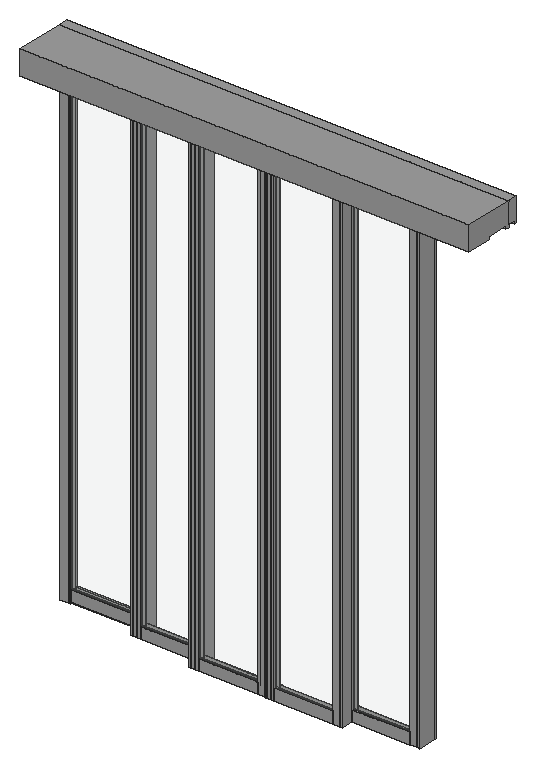
Revit family "agtatec_Record_SldngDrset_D-TSA-Telescopic_CurtainWallPanel", category Curtain Panels, Revit 2015
Parameters (values of type "D-TSA 108 mm drive unit height - side panel left")
  WithoutDriveCladding(OnlyApplicableForTypesWithoutSidePanels) = not(WithDriveCladding)  # no
  Without side panels = and(not(RightPanel), not(LeftPanel))  # no
  WithinStandardSizes = and(OpeningWidth > 799.9 mm, OpeningWidth < 3000.1 mm, ClearHeightOfPassage < 3000.1 mm, ClearHeightOfPassage > 1999.9 mm)  # yes
  WithDriveCladding = yes
  With side panels = and(RightPanel, LeftPanel)  # no
  Weight = "Depends on configuration and size"
  WarrantyStartDate [instance] = "1900-12-31T23:59:59"
  WarrantyGuarantorParts = "Local door manufacturer"
  WarrantyGuarantorLabour = "Local door manufacturer"
  WarrantyDurationUnit = "Depends on country"
  WarrantyDurationParts = "Depends on country"
  WarrantyDurationLabour = "Depends on country"
  WarrantyDescription = "Depends on country"
  WallMountingProfile = yes
  Version = "Version 1.0"
  Uniclass2 = "Ss_25_30_20_77"
  URL = "www.agta-record.com"
  TotalWidth = if(With side panels, SidePanelWidthLeft + SidePanelWidthRight + OpeningWidth, if(RightPanel, SidePanelWidthRight + OpeningWidth + 44 mm, if(LeftPanel, SidePanelWidthLeft + OpeningWidth + 44 mm, OpeningWidth + 88 mm)))  # 1644 mm
  TotalHeight = ClearHeightOfPassage + DriveUnitHeight  # 2295 mm
  SustainabilityPerformance = "n/a"
  SupportLength = SidePanelWidthLeft + SidePanelWidthRight + OpeningWidth + DriveUnitExtraWidthRight + DriveUnitExtraWidthLeft  # 2000 mm
  SidePanelWidthRight = (OpeningWidth / 4) + 100 mm + ExtraRight  # 400 mm
  SidePanelWidthLeft = (OpeningWidth / 4) + 100 mm + ExtraLeft  # 400 mm
  ServiceLifeType = "n/a"
  SecurityRating = "None"
  RightPanel = no
  Revision = "n/a"
  ProductInformation = "www.agta-record.com"
  Process = "n/a"
  PassageMountingProfile(OnlyApplicableForTypesWithTwoSidePanels) = not(WallMountingProfile)  # no
  PanelHeight = ClearHeightOfPassage + 13 mm  # 2200 mm
  PanelFrames = agtatec_Record_Sliding Door, Aluminium
  PanelFill = agtatec_Record_Sliding Door, Laminated Safety Glass (Clear)
  OpeningWidth = 1200 mm
  Name = "SldngDrset_D-TSA-Telescopic_CurtainWallPanel_Record"
  NBSTypeID = "n/a"
  NBSReference = "25-50-20/175"
  NBSOfficeMasterTag = "n/a"
  NBSNote = "n/a"
  NBSDescription = "Sliding Doorset"
  NBSCertification = "n/a"
  ModelNumber = "n/a"
  ModelLabel = "n/a"
  MethodOfMeasurement = "n/a"
  DriveUnitExtraWidthRight = 0 mm
  DriveUnitExtraWidthLeft = 0 mm
  Type Comments = "n/a"
  ThresholdStripping = "No additional required, part of the doorset"
  ThresholdRequired = yes
  ThermalTransmittance = 0
  TagNumber [instance] = "n/a"
  SmokeStop = no
  Size = "n/a"
  Shape = "Rectangular"
  ServiceLifeDuration = "10-15 years"
  SerialNumber [instance] = "n/a"
  SelfClosing = yes
  ReplacementCost = "Depends on the configuration and door type"
  ReferenceStandard = "EN16005, EN16361, DIN 18650, etc."
  Reference = "n/a"
  ProductionYear = "n/a"
  PassageWidthOptions = "n/a"
  NominalWidth = TotalWidth  # 1644 mm
  NominalLength = 0 mm
  NominalHeight = TotalHeight  # 2295 mm
  ModelReference = "Depends on the configuration"
  Model = "record Telescopic Linear Slider"
  Material = "Aluminium"
  ManufacturerURL = "www.agta-record.com"
  ManufacturerName = "Record"
  Manufacturer = "info@recorduk.co.uk"
  LeftPanel = yes
  LeafColourOptions = "All RAL, customer specific"
  Keynote = "n/a"
  IssueDate = "n/a"
  IsExternal = yes
  InterlancingProfileHeight = PanelHeight - 5 mm  # 2195 mm
  InstallationDate [instance] = "1900-12-31T23:59:59"
  InnerPanelWidth2 = (OpeningWidth / 4) + 20 mm  # 320 mm
  InnerPanelWidth1 = (OpeningWidth / 4) + 32 mm  # 332 mm
  Infiltration = "n/a"
  IfcExportType = "Door"
  IfcExportAs = "ifcDoorStyle"
  HasDrive = yes
  HandicapAccessible = yes
  Grade = "n/a"
  GlazingAreaFraction = "Depends on size. Can be calculated"
  GlassType = "Part of glazing spec"
  GlassThickness2 = "6 mm (default)"
  GlassThickness1 = "6 mm (default)"
  GlassLayers = 2
  FrameSeal = yes
  FrameProfile = "Aluminium"
  FrameMaterial = "Aluminium"
  FrameFinishOptions = "n/a"
  FloorGuide = agtatec_Record_Sliding Door, Stainless Steel
  FireRating = "None"
  FireExit = no
  Finish = "Powder coated, Anodized, customer specific"
  Features = "n/a"
  ExtraWidthTotal = ExtraRight + ExtraLeft  # 0 mm
  ExtraWidthRight = 0 mm
  ExtraWidthLeft = 0 mm
  ExtraRight = if(not(RightPanel), 0 mm, ExtraWidthRight)  # 0 mm
  ExtraLeft = if(not(LeftPanel), 0 mm, ExtraWidthLeft)  # 0 mm
  ExpectedLife = "n/a"
  ElectronicLock = yes
  DurationUnit = "year"
  DriveUnitHeight = 108 mm
  DriveUnit = agtatec_Record_Sliding Door, Sheet Metal (Painted Steel)
  DoorsetOperation = "Automatic"
  DoorsetFasteners = "Screws"
  DoorSeal = "yes"
  DoorOpening = 0 mm
  DoorNumber = "n/a"
  DoorIncluded = yes
  Documentation = "n/a"
  DocumentReference = "n/a"
  Description = "Automatic Sliding Door"
  Cost = 0
  Controller = "n/a"
  Construction Type = "Automatic Sliding Door"
  Constituents = "n/a"
  Configuration = "1 or 2"
  Colour = "Customer specific"
  CodePerformance = "n/a"
  ClearanceZones = no
  ClearHeightOfPassage = 2187 mm
  Category = "n/a"
  BreakoutFacility = "n/a"
  BarCode [instance] = "n/a"
  BIMObjectName = "agtatec_Record_SlidingDoorset_D-TSA-Telescopic_CurtainWallPanel"
  Author = "agtatec"
  AssetType = "n/a"
  AssetIdentifier [instance] = "n/a"
  Assembly Code = "B2030110"
  AntiFingerTrapRequirement = yes
  AlternativeDoorsetGlazing = "Part of glazing spec"
  AcousticRating = "None"
  AccessoryOptions = "Contact manufacturer"
  AccessibilityPerformance = "n/a"
Reference planes
  plane 1 "Center (Front/Back)": y = 0
  plane 2: z = 0
  plane 3 "Center (Left/Right)": x = -50
  plane 4 "Left": x = -1280
  plane 5 "Right": x = 1180
  plane 6 "Top": z = 4000
Text (mm)
  text "Exterior" at (-2351.972, 1416.179, 0), in view "Ref. Level"
  text "Exterior" at (0, 2290.741, 4406.713), in view "Left"
  text "Exterior" at (0, 1328.187, 4120.349), in view "Right"
Dimensions and locks
  equal spacing: plane 4 "Left", plane 3 "Center (Left/Right)", plane 5 "Right"
  aligned and locked: plane 1 "Center (Front/Back)" to nested 1
  aligned and locked: nested 1 to plane 3 "Center (Left/Right)"
Nested families
  nested 1: "D-TSA-Telescopic" at (-50, 0, 0), type "D-TSA 150 mm drive unit height - with two side panels"
    with WarrantyStartDate "Depends on country", TagNumber "n/a", SerialNumber "n/a", InstallationDate "n/a", BarCode "n/a", AssetIdentifier "n/a", With side panels no, Wall Mounting Right no, TotalWidth 1644 mm, TotalHeight 2295 mm, RightPanel no, DriveUnitHeight 108 mm, NominalWidth 1644 mm, NominalHeight 2295 mm, ClearanceZoneRight 1000 mm
Definition of nested family "D-TSA-Telescopic"
  Parameters
    WithoutDriveCladding(OnlyApplicableForTypesWithoutSidePanels) = not(WithDriveCladding)  # no
    Without side panels = and(not(RightPanel), not(LeftPanel))  # no
    WithinStandardSizes = and(OpeningWidth > 799.9 mm, OpeningWidth < 3000.1 mm, ClearHeightOfPassage < 3000.1 mm, ClearHeightOfPassage > 1999.9 mm)  # yes
    WithDriveCladding = yes
    With side panels = and(RightPanel, LeftPanel)  # yes
    Weight = "Depends on configuration and size"
    WarrantyDurationUnit = "Depends on country"
    WallMountingProfile = yes
    Wall Mounting Right = and(WallMountingProfile, RightPanel)  # yes
    Wall Mounting Left = and(WallMountingProfile, LeftPanel)  # yes
    TotalWidth = if(With side panels, SidePanelWidthLeft + SidePanelWidthRight + OpeningWidth, if(RightPanel, SidePanelWidthRight + OpeningWidth + 44 mm, if(LeftPanel, SidePanelWidthLeft + OpeningWidth + 44 mm, OpeningWidth + 88 mm)))  # 2000 mm
    TotalHeight = ClearHeightOfPassage + DriveUnitHeight  # 2337 mm
    Thickness = 0 mm
    SustainabilityPerformance = "n/a"
    SupportLength = SidePanelWidthLeft + SidePanelWidthRight + OpeningWidth + DriveUnitExtraWidthRight + DriveUnitExtraWidthLeft  # 2000 mm
    SidePanelWidthRight = (OpeningWidth / 4) + 100 mm + ExtraRight  # 400 mm
    SidePanelWidthLeft = (OpeningWidth / 4) + 100 mm + ExtraLeft  # 400 mm
    ServiceLifeType = "n/a"
    SecurityRating = "None"
    RightPanel = yes
    Revision = "n/a"
    ProductInformation = "www.agta-record.com"
    Process = "n/a"
    PassageMountingProfile(OnlyApplicableForTypesWithTwoSidePanels) = not(WallMountingProfile)  # no
    Passage Mounting Right = and([PassageMountingProfile(OnlyApplicableForTypesWithTwoSidePanels)], RightPanel)  # no
    Passage Mounting Left = and([PassageMountingProfile(OnlyApplicableForTypesWithTwoSidePanels)], LeftPanel)  # no
    PanelHeight = ClearHeightOfPassage + 13 mm  # 2200 mm
    PanelFrames = none
    PanelFill = none
    OuterPanelWidthRight = SidePanelWidthRight - 27 mm  # 373 mm
    OuterPanelWidthLeft = SidePanelWidthLeft - 27 mm  # 373 mm
    OpeningWidth = 1200 mm
    Name = "SldngDrset_D-TSA-Telescopic_Standalone_Record"
    NBSTypeID = "n/a"
    NBSReference = "25-50-20/175"
    NBSOfficeMasterTag = "n/a"
    NBSNote = "n/a"
    NBSDescription = "Sliding Doorset"
    NBSCertification = "n/a"
    ModelNumber = "n/a"
    ModelLabel = "n/a"
    MethodOfMeasurement = "n/a"
    ManufacturerName = "Record"
    LeftPanel = yes
    InterlancingProfileHeight = PanelHeight - 5 mm  # 2195 mm
    InstallationDate [instance] = "n/a"
    InnerPanelWidth2 = (OpeningWidth / 4) + 20 mm  # 320 mm
    InnerPanelWidth1 = (OpeningWidth / 4) + 32 mm  # 332 mm
    IfcExportType = "n/a"
    IfcExportAs = "n/a"
    Grade = "n/a"
    GlazingAreaFraction = "Depends on size. Can be calculated"
    FloorGuide = none
    FireRating = "None"
    Features = "n/a"
    ExtraWidthRight = 0 mm
    ExtraWidthLeft = 0 mm
    ExtraRight = if(not(RightPanel), 0 mm, ExtraWidthRight)  # 0 mm
    ExtraLeft = if(not(LeftPanel), 0 mm, ExtraWidthLeft)  # 0 mm
    ExpectedLife = "n/a"
    DurationUnit = "year"
    DriveUnitHeight = 150 mm
    DriveUnitExtraWidthRight = 0 mm
    DriveUnitExtraWidthLeft = 0 mm
    DriveUnitCenterDistance = (OpeningWidth / 2) + SidePanelWidthRight + DriveUnitExtraWidthRight  # 1000 mm
    DriveUnit = none
    DriveDepth2 = if([WithoutDriveCladding(OnlyApplicableForTypesWithoutSidePanels)], 0 mm, 37 mm)  # 37 mm
    DriveDepth = if([WithoutDriveCladding(OnlyApplicableForTypesWithoutSidePanels)], 222 mm, 259 mm)  # 259 mm
    DoorOpening2 = if(DoorOpening1 > 1 mm, (OpeningWidth / 2) + DoorOpening1 / 2, OpeningWidth / 2)  # 600 mm
    DoorOpening1 = if(DoorOpening > OpeningWidth, OpeningWidth, DoorOpening)  # 0 mm
    DoorOpening = 0 mm
    Width = TotalWidth  # 2000 mm
    WarrantyStartDate [instance] = "Depends on country"
    WarrantyGuarantorParts = "Local door manufacturer"
    WarrantyGuarantorLabour = "Local door manufacturer"
    WarrantyDurationParts = "Depends on country"
    WarrantyDurationLabour = "Depends on country"
    WarrantyDescription = "Depends on country"
    Version = "Version 1.0"
    Uniclass2 = "Ss_25_30_20_77"
    URL = "www.agta-record.com"
    Type Comments = ""
    ThresholdStripping = "No additional required, part of the doorset"
    ThresholdRequired = yes
    ThermalTransmittance = 0
    TagNumber [instance] = "n/a"
    SmokeStop = no
    Size = "n/a"
    Shape = "Rectangular"
    ServiceLifeDuration = "10-15 years"
    SerialNumber [instance] = "n/a"
    SelfClosing = yes
    Rough Width = TotalWidth + 6 mm  # 2006 mm
    Rough Height = TotalHeight + 6 mm  # 2343 mm
    ReplacementCost = "Depends on the configuration and door type"
    ReferenceStandard = "EN16005, EN16361, DIN 18650, etc."
    Reference = "n/a"
    ProductionYear = "n/a"
    PassageWidthOptions = "n/a"
    Operation = "n/a"
    NominalWidth = TotalWidth  # 2000 mm
    NominalLength = 0 mm
    NominalHeight = TotalHeight  # 2337 mm
    ModelReference = "Depends on the configuration"
    Model = "record Telescopic Linear Slider"
    Material = "Aluminium"
    ManufacturerURL = "www.agta-record.com"
    Manufacturer = "info@recorduk.co.uk"
    LeafColourOptions = "All RAL, customer specific"
    Keynote = ""
    IssueDate = ""
    IsExternal = yes
    Infiltration = "n/a"
    Height = TotalHeight  # 2337 mm
    HasDrive = yes
    HandicapAccessible = yes
    GlassType = "Part of glazing spec"
    GlassThickness2 = "6 mm (default)"
    GlassThickness1 = "6 mm (default)"
    GlassLayers = 2
    Function = 1
    FrameSeal = yes
    FrameProfile = "Aluminium"
    FrameMaterial = "Aluminium"
    FrameFinishOptions = "n/a"
    FireExit = no
    Finish = "Powder coated, Anodized, customer specific"
    ElectronicLock = yes
    DoorsetOperation = "Automatic"
    DoorsetFasteners = "Screws"
    DoorSeal = "yes"
    DoorNumber = "n/a"
    DoorIncluded = yes
    Documentation = "n/a"
    DocumentReference = "n/a"
    DistanceToWall = if([WithoutDriveCladding(OnlyApplicableForTypesWithoutSidePanels)], 20 mm, 57 mm)  # 57 mm
    Description = "Automatic Sliding Door"
    Cost = 0
    Controller = "n/a"
    Construction Type = "Automatic Sliding Door"
    Constituents = "n/a"
    Configuration = "1 or 2"
    Colour = "Customer specific"
    CodePerformance = "n/a"
    ClearanceZones = no
    ClearanceZoneRight = if(or(not(WallMountingProfile), not(RightPanel), DriveUnitExtraWidthRight > 0 mm), ((OpeningWidth / 2) + SidePanelWidthRight + DriveUnitExtraWidthRight), (OpeningWidth / 2) + SidePanelWidthRight + DriveUnitExtraWidthRight + 16 mm)  # 1016 mm
    ClearanceZoneLeft = if(or(not(WallMountingProfile), not(LeftPanel), DriveUnitExtraWidthLeft > 0 mm), ((OpeningWidth / 2) + SidePanelWidthLeft + DriveUnitExtraWidthLeft), (OpeningWidth / 2) + SidePanelWidthLeft + DriveUnitExtraWidthLeft + 16 mm)  # 1016 mm
    ClearHeightOfPassage = 2187 mm
    CladdingVoid = if(Without side panels, 3 mm, 35 mm)  # 35 mm
    CladdingProfile = not([WithoutDriveCladding(OnlyApplicableForTypesWithoutSidePanels)])  # yes
    CenterOfDoor = SupportLength / 2  # 1000 mm
    Category = "n/a"
    BreakoutFacility = "n/a"
    BarCode [instance] = "n/a"
    BIMObjectName = "agtatec_Record_SlidingDoorset_D-TSA-Telescopic_Standalone"
    Author = "agtatec"
    AssetType = "n/a"
    AssetIdentifier [instance] = "n/a"
    Assembly Code = "B2030110"
    AntiFingerTrapRequirement = yes
    AlternativeDoorsetGlazing = "Part of glazing spec"
    AcousticRating = "None"
    AccessoryOptions = "Contact manufacturer"
    AccessibilityPerformance = "n/a"
  Reference planes
    plane 1 "Center (Front/Back)": y = 0
    plane 2: z = 0
    plane 3 "Ex Center (Left/Right)": x = 0
    plane 4: z = 2337
    plane 5: z = 2187
    plane 6 "2D Lines": z = 100
    plane 7: x = 0
    plane 8: x = 300
    plane 9: x = 600
    plane 10: x = -300
    plane 11: x = -600
    plane 12: x = 0
    plane 13: x = 1000
    plane 14: x = -1000
    plane 15: x = 300
    plane 16: x = -300
    plane 17: y = -57
    plane 18: y = -109
    plane 19: y = -5
    plane 20: x = 312
    plane 21: x = -312
    plane 22: x = -632
    plane 23: x = 632
    plane 24: y = -409
    plane 25: y = -259
    plane 26: y = -5
    plane 27: y = -40
    plane 28: y = -40
    plane 29: z = 2357
    plane 30: x = 332
    plane 31 "Drive Unit Right": x = 1000
    plane 32: x = -332
    plane 33 "Center (Left/Right)": x = 0
    plane 34 "Clearance Zone Left": x = -1016
    plane 35 "Clearance Zone Right": x = 1016
  Forms (mm)
    Extrusion 1, solid, material <- "DriveUnit"
      sketch origin (1000, -4572, 2150) x (0, 0, -1) y (0, -1, 0)
        loop
          line (-187, -4535) -> (-37, -4535) -> (-37, -4518) -> (-50, -4518) -> (-50, -4423) -> (-37, -4423) -> (-37, -4313) -> (-187, -4313) -> (-187, -4535)
      from 0 to 2000 <- "SupportLength"
    Extrusion 2, solid, material <- "PanelFrames", visible <- "Wall Mounting Left"
      sketch origin (0, 0, 0) x (1, 0, 0) y (0, 1, 0)
        loop
          line (-1000, -4) -> (-1000, -40) -> (-960, -40) -> (-960, -38) -> (-997, -38) -> (-997, -3) -> (-960, -3) -> (-960, 0) -> (-1016, 0) -> (-1016, -4) -> (-1000, -4)
      from 0 to 2187
    Extrusion 3, solid, material <- "PanelFrames", visible <- "Wall Mounting Right"
      sketch origin (0, 0, 0) x (1, 0, 0) y (0, 1, 0)
        loop
          line (1016, 0) -> (960, 0) -> (960, -3) -> (997, -3) -> (997, -38) -> (960, -38) -> (960, -40) -> (1000, -40) -> (1000, -4) -> (1016, -4) -> (1016, 0)
      from 0 to 2187
    Extrusion 4, solid, material <- "PanelFrames", visible <- "Passage Mounting Left"
      sketch origin (0, 0, 0) x (1, 0, 0) y (0, 1, 0)
        loop
          line (-1000, 0) -> (-1000, -40) -> (-960, -40) -> (-960, -38) -> (-997, -38) -> (-997, -3) -> (-960, -3) -> (-960, 0) -> (-1000, 0)
      from 0 to 2187
    Extrusion 5, solid, material <- "PanelFrames", visible <- "Passage Mounting Right"
      sketch origin (0, 0, 0) x (1, 0, 0) y (0, 1, 0)
        loop
          line (960, 0) -> (960, -3) -> (997, -3) -> (997, -38) -> (960, -38) -> (960, -40) -> (1000, -40) -> (1000, 0) -> (960, 0)
      from 0 to 2187
    Extrusion 6, solid, visible <- "ClearanceZones"
      sketch origin (0, 0, 0) x (0, 1, 0) y (0, 0, 1)
        loop
          line (0, 2357) -> (-409, 2357) -> (-409, 0) -> (0, 0) -> (0, 2357)
      from -1016 to 1016
    Extrusion 7, solid, material <- "DriveUnit", visible <- "CladdingProfile"
      sketch origin (1000, -4572, 2150) x (0, 0, -1) y (0, -1, 0)
        loop
          line (-187, -4572) -> (-37, -4572) -> (-37, -4535) -> (-187, -4535) -> (-187, -4572)
      from 0 to 2000 <- "SupportLength"
    Extrusion 8, void
      sketch origin (-1000, -40, 1200) x (1, 0, 0) y (0, 0, -1)
        loop
          line (0, -1000) -> (2000, -1000) -> (2000, -987) -> (0, -987) -> (0, -1000)
      from 0 to 35 <- "CladdingVoid"
  Cuts and joins
    Extrusion 8 cuts Extrusion 2
    Extrusion 8 cuts Extrusion 3
    Extrusion 8 cuts Extrusion 4
    Extrusion 8 cuts Extrusion 5
    Extrusion 8 cuts Extrusion 7
  Lines and regions (mm)
    Masking region 1, visible <- "Wall Mounting Left"
      outline origin (0, 0, 0) x (1, 0, 0) y (0, 1, 0)
        loop
          line (-1000, -4) -> (-1000, -40) -> (-960, -40) -> (-960, -38) -> (-997, -38) -> (-997, -3) -> (-960, -3) -> (-960, 0) -> (-1016, 0) -> (-1016, -4) -> (-1000, -4)
    Masking region 2, visible <- "Passage Mounting Left"
      outline origin (0, 0, 0) x (1, 0, 0) y (0, 1, 0)
        loop
          line (-1000, 0) -> (-1000, -40) -> (-960, -40) -> (-960, -38) -> (-997, -38) -> (-997, -3) -> (-960, -3) -> (-960, 0) -> (-1000, 0)
    Masking region 3, visible <- "Wall Mounting Right"
      outline origin (0, 0, 0) x (1, 0, 0) y (0, 1, 0)
        loop
          line (1000, -4) -> (1016, -4) -> (1016, 0) -> (960, 0) -> (960, -3) -> (997, -3) -> (997, -38) -> (960, -38) -> (960, -40) -> (1000, -40) -> (1000, -4)
    Masking region 4, visible <- "Passage Mounting Right"
      outline origin (0, 0, 0) x (1, 0, 0) y (0, 1, 0)
        loop
          line (1000, 0) -> (960, 0) -> (960, -3) -> (997, -3) -> (997, -38) -> (960, -38) -> (960, -40) -> (1000, -40) -> (1000, 0)
    symbolic lines
      curve 1: line (25, 50, 0) -> (175, 50, 0)
      curve 2: line (175, 50, 0) -> (139.645, 85.355, 0)
      curve 3: line (175, 50, 0) -> (139.645, 14.645, 0)
      curve 4: line (-25, 50, 0) -> (-175, 50, 0)
      curve 5: line (-175, 50, 0) -> (-139.645, 85.355, 0)
      curve 6: line (-175, 50, 0) -> (-139.645, 14.645, 0)
  Dimensions and locks
    "DriveUnitHeight": plane 4 to plane 5
    "ClearHeightOfPassage": plane 5 to plane 2
    equal spacing: plane 11, plane 10, plane 3 "Ex Center (Left/Right)", plane 8, plane 9
    "OpeningWidth": plane 11 to plane 9
    "SidePanelWidthRight": plane 9 to plane 13
    "SidePanelWidthLeft": plane 14 to plane 11
    equal spacing: plane 12, plane 3 "Ex Center (Left/Right)", plane 7
    equal spacing: plane 16, plane 3 "Ex Center (Left/Right)", plane 15
    "DoorOpening1": plane 12 to plane 7
    "DoorOpening2": plane 16 to plane 15
    "DistanceToWall": plane 17 to plane 1 "Center (Front/Back)"
    locked: plane 17 to plane 18 at 52
    locked: nested 11 to plane 11 at 12
    locked: plane 9 to nested 12 at 12
    locked: plane 15 to plane 20 at 12
    locked: plane 21 to plane 16 at 12
    "InnerPanelWidth2": plane 22 to plane 21
    "InnerPanelWidth2": plane 20 to plane 23
    "DriveUnitHeight": plane 25 to plane 24
    locked: Extrusion 1 sketch curve to plane 25 at 110
    "DriveDepth": plane 1 "Center (Front/Back)" to plane 25
    locked: plane 29 to plane 4 at 20
    curve 6 to plane 3 "Ex Center (Left/Right)" to curve 3 = 175 mm locked, 175 mm locked
    "InnerPanelWidth1": plane 7 to plane 30
    "DriveDepth2": plane 1 "Center (Front/Back)" to Extrusion 1 sketch curve
    locked: Extrusion 8 sketch curve to plane 5 at 13
    "InnerPanelWidth1": plane 32 to plane 12
    "CenterOfDoor": plane 33 "Center (Left/Right)" to plane 31 "Drive Unit Right"
    "ClearanceZoneRight": plane 3 "Ex Center (Left/Right)" to plane 35 "Clearance Zone Right"
    "ClearanceZoneLeft": plane 34 "Clearance Zone Left" to plane 3 "Ex Center (Left/Right)"
    "DriveUnitCenterDistance": plane 3 "Ex Center (Left/Right)" to plane 31 "Drive Unit Right"
    "SupportLength": Extrusion 8 sketch curve to plane 31 "Drive Unit Right"
    aligned and locked: level to plane 2
    aligned and locked: plane 11 to nested 5
    aligned and locked: nested 6 to plane 9
    aligned and locked: plane 18 to nested 1
    aligned and locked: nested 2 to plane 18
    aligned and locked: plane 18 to nested 13
    aligned and locked: nested 10 to plane 18
    aligned and locked: plane 17 to nested 3
    aligned and locked: nested 4 to plane 17
    aligned and locked: plane 17 to nested 7
    aligned and locked: nested 8 to plane 17
    aligned and locked: nested 9 to plane 17
    aligned and locked: plane 17 to nested 14
    aligned and locked: nested 12 to plane 19
    aligned and locked: plane 19 to nested 6
    aligned and locked: plane 19 to nested 11
    aligned and locked: nested 5 to plane 19
    aligned and locked: nested 8 to plane 15
    aligned and locked: plane 16 to nested 7
    aligned and locked: plane 22 to nested 9
    aligned and locked: nested 3 to plane 22
    aligned and locked: nested 14 to plane 23
    aligned and locked: plane 23 to nested 4
    aligned and locked: Extrusion 1 sketch curve to plane 25
    aligned and locked: Extrusion 5 sketch curve to plane 27
    aligned and locked: plane 27 to Extrusion 3 sketch curve
    aligned and locked: plane 28 to Extrusion 4 sketch curve
    aligned and locked: plane 28 to Extrusion 2 sketch curve
    aligned and locked: plane 28 to Masking region 2 sketch curve
    aligned and locked: Masking region 4 sketch curve to plane 27
    aligned and locked: Masking region 3 sketch curve to plane 27
    aligned and locked: plane 28 to Masking region 1 sketch curve
    aligned and locked: plane 29 to Extrusion 6 sketch curve
    aligned and locked: Extrusion 6 sketch curve to plane 24
    aligned and locked: plane 5 to Extrusion 5
    aligned and locked: plane 5 to Extrusion 3
    aligned and locked: plane 5 to Extrusion 4
    aligned and locked: plane 5 to Extrusion 2
    aligned and locked: nested 13 to plane 30
    aligned and locked: plane 30 to nested 2
    aligned and locked: plane 5 to Extrusion 7 sketch curve
    aligned and locked: plane 5 to Extrusion 8 sketch curve
    aligned and locked: nested 1 to plane 32
    aligned and locked: plane 32 to nested 10
    aligned and locked: Extrusion 6 to plane 35 "Clearance Zone Right"
    aligned and locked: Extrusion 6 to plane 34 "Clearance Zone Left"
    aligned and locked: plane 31 "Drive Unit Right" to Extrusion 8 sketch curve
  Automatic sketch dimensions
    Extrusion 6 sketch curve to level = 0 mm
    Extrusion 6 sketch curve to plane 1 "Center (Front/Back)" = 0 mm
    curve 6 to plane 1 "Center (Front/Back)" = 50 mm
    curve 4 to curve 5 = 35.355 mm
    curve 6 to plane 1 "Center (Front/Back)" = 14.645 mm
    curve 6 to curve 6 = 35.355 mm
    curve 4 to plane 3 "Ex Center (Left/Right)" = 25 mm
    plane 3 "Ex Center (Left/Right)" to curve 1 = 25 mm
    curve 3 to plane 1 "Center (Front/Back)" = 14.645 mm
    curve 3 to curve 2 = 0 mm
    curve 2 to curve 1 = 35.355 mm
    curve 3 to curve 2 = 35.355 mm
    plane 1 "Center (Front/Back)" to Extrusion 5 sketch curve = 0 mm
    Extrusion 5 sketch curve to plane 13 = 0 mm
    plane 13 to Extrusion 5 sketch curve = 3 mm
    Extrusion 5 sketch curve to Extrusion 5 sketch curve = 37 mm
    Extrusion 5 sketch curve to Extrusion 5 sketch curve = 0 mm
    Extrusion 5 sketch curve to plane 27 = 2 mm
    plane 19 to Extrusion 5 sketch curve = 2 mm
    plane 1 "Center (Front/Back)" to Extrusion 3 sketch curve = 0 mm
    Extrusion 3 sketch curve to plane 13 = 0 mm
    plane 13 to Extrusion 3 sketch curve = 3 mm
    Extrusion 3 sketch curve to plane 27 = 2 mm
    Extrusion 3 sketch curve to Extrusion 3 sketch curve = 37 mm
    plane 19 to Extrusion 3 sketch curve = 2 mm
    Extrusion 3 sketch curve to Extrusion 3 sketch curve = 0 mm
    Extrusion 3 sketch curve to plane 13 = 16 mm
    plane 19 to Extrusion 3 sketch curve = 1 mm
    plane 1 "Center (Front/Back)" to Masking region 3 sketch curve = 0 mm
    Masking region 3 sketch curve to plane 13 = 0 mm
    plane 13 to Masking region 3 sketch curve = 3 mm
    plane 19 to Masking region 3 sketch curve = 2 mm
    Masking region 3 sketch curve to Masking region 3 sketch curve = 37 mm
    Masking region 3 sketch curve to plane 27 = 2 mm
    Masking region 3 sketch curve to Masking region 3 sketch curve = 0 mm
    plane 19 to Masking region 3 sketch curve = 1 mm
    Masking region 3 sketch curve to plane 13 = 16 mm
    plane 1 "Center (Front/Back)" to Masking region 4 sketch curve = 0 mm
    Masking region 4 sketch curve to plane 13 = 0 mm
    plane 13 to Masking region 4 sketch curve = 3 mm
    plane 19 to Masking region 4 sketch curve = 2 mm
    Masking region 4 sketch curve to Masking region 4 sketch curve = 37 mm
    Masking region 4 sketch curve to plane 27 = 2 mm
    Masking region 4 sketch curve to Masking region 4 sketch curve = 0 mm
    plane 1 "Center (Front/Back)" to Masking region 1 sketch curve = 0 mm
    Masking region 1 sketch curve to plane 14 = 0 mm
    Masking region 1 sketch curve to plane 14 = 16 mm
    plane 14 to Masking region 1 sketch curve = 3 mm
    Masking region 1 sketch curve to Masking region 1 sketch curve = 37 mm
    Masking region 1 sketch curve to plane 27 = 2 mm
    Masking region 1 sketch curve to Masking region 1 sketch curve = 0 mm
    plane 19 to Masking region 1 sketch curve = 1 mm
    plane 19 to Masking region 1 sketch curve = 2 mm
    plane 1 "Center (Front/Back)" to Masking region 2 sketch curve = 0 mm
    Masking region 2 sketch curve to plane 14 = 0 mm
    plane 14 to Masking region 2 sketch curve = 3 mm
    Masking region 2 sketch curve to plane 27 = 2 mm
    Masking region 2 sketch curve to Masking region 2 sketch curve = 37 mm
    plane 19 to Masking region 2 sketch curve = 2 mm
    Masking region 2 sketch curve to Masking region 2 sketch curve = 0 mm
    plane 1 "Center (Front/Back)" to Extrusion 4 sketch curve = 0 mm
    Extrusion 4 sketch curve to plane 14 = 0 mm
    plane 14 to Extrusion 4 sketch curve = 3 mm
    Extrusion 4 sketch curve to plane 27 = 2 mm
    Extrusion 4 sketch curve to Extrusion 4 sketch curve = 37 mm
    plane 19 to Extrusion 4 sketch curve = 2 mm
    Extrusion 4 sketch curve to Extrusion 4 sketch curve = 0 mm
    plane 1 "Center (Front/Back)" to Extrusion 2 sketch curve = 0 mm
    Extrusion 2 sketch curve to plane 14 = 0 mm
    Extrusion 2 sketch curve to plane 14 = 16 mm
    plane 14 to Extrusion 2 sketch curve = 3 mm
    Extrusion 2 sketch curve to Extrusion 2 sketch curve = 37 mm
    Extrusion 2 sketch curve to plane 27 = 2 mm
    Extrusion 2 sketch curve to Extrusion 2 sketch curve = 0 mm
    plane 19 to Extrusion 2 sketch curve = 1 mm
    plane 19 to Extrusion 2 sketch curve = 2 mm
    Extrusion 7 sketch curve to plane 4 = 0 mm
    Extrusion 7 sketch curve to plane 1 "Center (Front/Back)" = 0 mm
    Extrusion 7 sketch curve to plane 27 = 3 mm
    plane 4 to Extrusion 1 sketch curve = 0 mm
    Extrusion 1 sketch curve to plane 5 = 0 mm  (x2)
    plane 17 to Extrusion 1 sketch curve = 3 mm
    Extrusion 1 sketch curve to Extrusion 1 sketch curve = 13 mm
  Nested families
    nested 1: "Inner Panel 1" at (0, -109, 0) x (-1, 0, 0) z (0, 0, 1), type "Inner Panel 1"
      with Inner Panel Width 332 mm
    nested 2: "Inner Panel 1" at (0, -109, 0), type "Inner Panel 1"
      with Inner Panel Width 332 mm
    nested 3: "Inner Panel 2" at (-312, -57, 0) x (-1, 0, 0) z (0, 0, 1), type "Inner Panel 2"
      with Inner Panel Width 320 mm
    nested 4: "Inner Panel 2" at (312, -57, 0), type "Inner Panel 2"
      with Inner Panel Width 320 mm
    nested 5: "Interlacing profile - Outer" at (-612, -37, 5) x (0, -1, 0) z (0, 0, 1), type "Left"
      with Side Panel yes, Interlacing profile 2 no, Interlacing profile 1 yes
    nested 6: "Interlacing profile - Outer" at (612, -37, 5) x (0, -1, 0) z (0, 0, 1), type "Right"
      with Side Panel yes, Interlacing profile 2 no, Interlacing profile 1 yes
    nested 7: "Interlacing profile - Inner" at (-312, -89, 5) x (0, -1, 0) z (0, 0, 1), type "Inner"
      with Side Panel yes, Interlacing profile 4 no, Interlacing profile 1 yes
    nested 8: "Interlacing profile - Inner" at (312, -89, 5) x (0, -1, 0) z (0, 0, 1), type "Inner"
      with Side Panel yes, Interlacing profile 4 no, Interlacing profile 1 yes
    nested 9: "Interlacing profile - Inner" at (-632, -57, 5) x (0, 1, 0) z (0, 0, 1), type "Left"
      with Side Panel yes, Interlacing profile 4 no, Interlacing profile 1 yes
    nested 10: "Interlacing profile - Inner" at (-332, -109, 5) x (0, 1, 0) z (0, 0, 1), type "Inner"
      with Side Panel yes, Interlacing profile 4 no, Interlacing profile 1 yes
    nested 11: "Outer Panel" at (-612, -5, 0) x (-1, 0, 0) z (0, 0, 1), visible <- "LeftPanel", type "Left Panel"
    nested 12: "Outer Panel" at (612, -5, 0), visible <- "RightPanel", type "Right Panel"
    nested 13: "Interlacing profile - Inner" at (332, -109, 5) x (0, 1, 0) z (0, 0, 1), type "Inner"
      with Side Panel yes, Interlacing profile 4 no, Interlacing profile 1 yes
    nested 14: "Interlacing profile - Inner" at (632, -57, 5) x (0, 1, 0) z (0, 0, 1), type "Right"
      with Side Panel yes, Interlacing profile 4 no, Interlacing profile 1 yes
  Definition of nested family "Inner Panel 1"
    Parameters
      Panel Height = 2200 mm
      Panel Glass = none
      Panel Frames = none
      Inner Panel Width = 632 mm
    Reference planes
      plane 1 "Center (Front/Back)": y = 0
      plane 2: z = 0
      plane 3 "Center (Left/Right)": x = 0
      plane 4: x = 632
      plane 5: z = 2200
      plane 6: x = 600
      plane 7: x = 37
      plane 8: z = 2181
      plane 9 "Above": z = 42
      plane 10: x = 613.5
      plane 11: x = 23.5
      plane 12: z = 5
      plane 13: x = 622
      plane 14: x = 5
    Forms (mm)
      Extrusion 1, solid, material <- "Panel Frames"
        sketch origin (0, 0, 0) x (1, 0, 0) y (0, 1, 0)
          loop
            line (5, 0) -> (37, 0) -> (37, 2.5) -> (21, 2.5) -> (21, 29.5) -> (37, 29.5) -> (37, 32) -> (5, 32) -> (5, 0)
        from 5 to 2200
      Extrusion 2, solid, material <- "Panel Frames"
        sketch origin (591.5, 0, 0) x (-1, 0, 0) y (0, -1, 0)
          loop
            line (-40.5, 0) -> (-40.5, -32) -> (-8.5, -32) -> (-8.5, -29.5) -> (-24.5, -29.5) -> (-24.5, -2.5) -> (-8.5, -2.5) -> (-8.5, 0) -> (-40.5, 0)
        from 5 to 2200
      Extrusion 3, solid, material <- "Panel Frames"
        sketch origin (-55, 0, 0) x (0, 1, 0) y (0, 0, 1)
          loop
            line (0, 5) -> (14.65, 5) -> (14.65, 26) -> (17.35, 26) -> (17.35, 5) -> (32, 5) -> (32, 55) -> (29.5, 55) -> (29.5, 39) -> (2.5, 39) -> (2.5, 55) -> (0, 55) -> (0, 5)
        from 92 to 655
      Extrusion 4, solid, material <- "Panel Frames"
        sketch origin (75, 0, 0) x (0, 1, 0) y (0, 0, 1)
          loop
            line (0, 2200) -> (0, 2168) -> (2.5, 2168) -> (2.5, 2184) -> (29.5, 2184) -> (29.5, 2168) -> (32, 2168) -> (32, 2200) -> (0, 2200)
        from -38 to 525
      Extrusion 5, solid, material <- "Panel Glass"
        sketch origin (0, 0, 0) x (1, 0, 0) y (0, 1, 0)
          loop
            line (23.5, 28) -> (23.5, 4) -> (613.5, 4) -> (613.5, 28) -> (23.5, 28)
        from 42 to 2181
      Extrusion 6, solid, material <- "Panel Frames"
        sketch origin (0, 0, 0) x (1, 0, 0) y (0, 1, 0)
          loop
            line (0, 32) -> (0, 0) -> (5, 0) -> (5, 32) -> (0, 32)
        from 5 to 2200
    Lines and regions (mm)
      Masking region 1
        outline origin (0, 0, 0) x (1, 0, 0) y (0, 1, 0)
          loop
            line (632, 32) -> (0, 32) -> (0, 0) -> (622, 0) -> (632, 0) -> (632, 32)
      symbolic lines, detail levels fine
        curve 1: line (37, 28, 42) -> (600, 28, 42)
        curve 2: line (37, 4, 42) -> (600, 4, 42)
        curve 6: line (600, 29.5, 42) -> (616, 29.5, 42)
        curve 7: line (616, 29.5, 42) -> (616, 2.5, 42)
        curve 8: line (616, 2.5, 42) -> (600, 2.5, 42)
        curve 9: line (600, 4, 42) -> (613.5, 4, 42)
        curve 10: line (613.5, 4, 42) -> (613.5, 28, 42)
        curve 11: line (613.5, 28, 42) -> (600, 28, 42)
        curve 12: line (37, 29.5, 42) -> (21, 29.5, 42)
        curve 13: line (21, 29.5, 42) -> (21, 2.5, 42)
        curve 14: line (21, 2.5, 42) -> (37, 2.5, 42)
        curve 15: line (37, 4, 42) -> (23.5, 4, 42)
        curve 16: line (23.5, 4, 42) -> (23.5, 28, 42)
        curve 17: line (23.5, 28, 42) -> (37, 28, 42)
      symbolic lines, detail levels medium+fine
        curve 3: line (37, 32, 42) -> (37, 29.5, 42)
        curve 4: line (600, 0, 42) -> (600, 2.5, 42)
        curve 18: line (600, 29.5, 42) -> (600, 32, 42)
        curve 21: line (37, 2.5, 42) -> (37, 0, 42)
      symbolic lines
        curve 5: line (5, 32, 42) -> (5, 0, 42)
        curve 22: line (600, 0, 1084) -> (564.645, 0, 1119.355)
        curve 23: line (600, 0, 1084) -> (564.645, 0, 1048.645)
        curve 24: line (37, 0, 1084) -> (600, 0, 1084)
      symbolic lines, detail levels medium
        curve 19: line (600, 2.5, 42) -> (600, 29.5, 42)
        curve 20: line (37, 29.5, 42) -> (37, 2.5, 42)
    Dimensions and locks
      "Panel Height": plane 5 to plane 2
      "Inner Panel Width": plane 4 to plane 3 "Center (Left/Right)"
      locked: plane 7 to plane 3 "Center (Left/Right)" at 37
      locked: plane 6 to plane 4 at 32
      locked: plane 5 to plane 8 at 19
      locked: plane 9 "Above" to level at 42
      locked: plane 4 to plane 10 at 18.5
      locked: plane 11 to plane 3 "Center (Left/Right)" at 23.5
      locked: plane 13 to plane 4 at 10
      locked: plane 14 to plane 3 "Center (Left/Right)" at 5
      equal spacing: Extrusion 4, curve 24, level
      aligned and locked: plane 2 to level
      aligned and locked: plane 5 to Extrusion 2
      aligned and locked: plane 5 to Extrusion 1
      aligned and locked: Extrusion 1 to Extrusion 2
      aligned and locked: Extrusion 4 to plane 7
      aligned and locked: Extrusion 4 to plane 6
      aligned and locked: Extrusion 3 to plane 7
      aligned and locked: Extrusion 3 to plane 6
      aligned and locked: plane 8 to Extrusion 5
      aligned and locked: Extrusion 5 to plane 9 "Above"
      aligned and locked: Extrusion 5 to plane 10
      aligned and locked: Extrusion 5 to plane 11
      aligned and locked: Extrusion 1 to Extrusion 3
      aligned and locked: Extrusion 3 to Extrusion 2
      aligned and locked: Masking region 1 sketch curve to plane 4
      aligned and locked: Masking region 1 sketch curve to plane 3 "Center (Left/Right)"
      aligned and locked: curve 4 to plane 6
      aligned and locked: curve 3 to plane 7
      aligned and locked: Masking region 1 to Extrusion 1
      aligned and locked: plane 7 to Extrusion 1  (x2)
      aligned and locked: plane 6 to Extrusion 2  (x2)
      aligned and locked: curve 1 to Extrusion 5
      aligned and locked: Extrusion 5 to curve 2
      aligned and locked: Extrusion 1 sketch curve to plane 14
      aligned and locked: Extrusion 1 to plane 14
      aligned and locked: Extrusion 6 sketch curve to plane 14
      aligned and locked: plane 3 "Center (Left/Right)" to Extrusion 6 sketch curve
      aligned and locked: plane 5 to Extrusion 6
    Automatic sketch dimensions
      Extrusion 1 sketch curve to plane 7 = 0 mm  (x2)
      plane 1 "Center (Front/Back)" to Extrusion 1 sketch curve = 0 mm
      Extrusion 1 sketch curve to plane 11 = 2.5 mm
      Extrusion 1 sketch curve to plane 1 "Center (Front/Back)" = 2.5 mm
      Extrusion 1 sketch curve to Extrusion 1 sketch curve = 27 mm
      Extrusion 1 sketch curve to Extrusion 1 sketch curve = 2.5 mm
      Extrusion 2 sketch curve to plane 4 = 0 mm
      Extrusion 2 sketch curve to plane 6 = 0 mm  (x2)
      plane 1 "Center (Front/Back)" to Extrusion 2 sketch curve = 0 mm
      plane 10 to Extrusion 2 sketch curve = 2.5 mm
      Extrusion 2 sketch curve to Extrusion 2 sketch curve = 2.5 mm  (x2)
      Extrusion 2 sketch curve to Extrusion 2 sketch curve = 27 mm
      Extrusion 3 sketch curve to plane 1 "Center (Front/Back)" = 0 mm
      Extrusion 3 sketch curve to plane 12 = 0 mm  (x2)
      Extrusion 3 sketch curve to plane 1 "Center (Front/Back)" = 2.5 mm
      Extrusion 3 sketch curve to Extrusion 3 sketch curve = 14.65 mm
      Extrusion 3 sketch curve to Extrusion 3 sketch curve = 2.7 mm
      plane 9 "Above" to Extrusion 3 sketch curve = 13 mm  (x2)
      Extrusion 3 sketch curve to Extrusion 3 sketch curve = 27 mm
      Extrusion 3 sketch curve to Extrusion 3 sketch curve = 2.5 mm
      Extrusion 3 sketch curve to Extrusion 3 sketch curve = 21 mm
      Extrusion 3 sketch curve to plane 9 "Above" = 3 mm
      Extrusion 4 sketch curve to plane 1 "Center (Front/Back)" = 0 mm
      Extrusion 4 sketch curve to plane 5 = 0 mm
      Extrusion 4 sketch curve to plane 1 "Center (Front/Back)" = 2.5 mm
      plane 8 to Extrusion 4 sketch curve = 3 mm
      Extrusion 4 sketch curve to Extrusion 4 sketch curve = 27 mm
      Extrusion 4 sketch curve to Extrusion 4 sketch curve = 32 mm
      Extrusion 4 sketch curve to plane 8 = 13 mm  (x2)
      Extrusion 5 sketch curve to plane 11 = 0 mm
      Extrusion 5 sketch curve to plane 10 = 0 mm
      Extrusion 5 sketch curve to plane 1 "Center (Front/Back)" = 4 mm
      Extrusion 5 sketch curve to Extrusion 5 sketch curve = 24 mm
      plane 1 "Center (Front/Back)" to Masking region 1 sketch curve = 0 mm
      Masking region 1 sketch curve to plane 13 = 0 mm
      Masking region 1 sketch curve to plane 1 "Center (Front/Back)" = 32 mm
      curve 9 to plane 10 = 0 mm
      curve 17 to plane 11 = 0 mm
      curve 5 to plane 14 = 0 mm
      plane 1 "Center (Front/Back)" to curve 5 = 0 mm
      plane 1 "Center (Front/Back)" to curve 21 = 0 mm
      plane 1 "Center (Front/Back)" to curve 4 = 0 mm
      curve 6 to plane 10 = 2.5 mm
      curve 13 to plane 11 = 2.5 mm
      curve 16 to curve 1 = 0 mm
      curve 12 to curve 16 = 1.5 mm
      curve 6 to curve 1 = 1.5 mm
      curve 5 to curve 12 = 2.5 mm
      curve 3 to curve 3 = 2.5 mm
      curve 18 to curve 6 = 2.5 mm
      curve 11 to curve 1 = 0 mm
      curve 10 to plane 1 "Center (Front/Back)" = 4 mm
      curve 16 to plane 1 "Center (Front/Back)" = 4 mm
      curve 14 to plane 1 "Center (Front/Back)" = 2.5 mm
      curve 8 to plane 1 "Center (Front/Back)" = 2.5 mm
      plane 1 "Center (Front/Back)" to Extrusion 6 sketch curve = 0 mm
      Extrusion 6 sketch curve to plane 1 "Center (Front/Back)" = 32 mm
      plane 6 to curve 23 = 35.355 mm
      curve 23 to curve 24 = 35.355 mm
      curve 24 to curve 22 = 35.355 mm
      curve 24 to plane 7 = 0 mm
      plane 6 to curve 24 = 0 mm
  Definition of nested family "Inner Panel 2"
    Parameters
      Panel Height = 2200 mm
      Panel Glass = none
      Panel Frames = none
      Inner Panel Width = 600 mm
    Reference planes
      plane 1 "Center (Front/Back)": y = 0
      plane 2: z = 0
      plane 3 "Center (Left/Right)": x = 0
      plane 4: x = 600
      plane 5: z = 2200
      plane 6: x = 568
      plane 7: x = 32
      plane 8: z = 2181
      plane 9 "Above": z = 42
      plane 10: x = 581.5
      plane 11: x = 18.5
      plane 12: z = 5
      plane 13: x = 590
      plane 14: x = 10
    Forms (mm)
      Extrusion 1, solid, material <- "Panel Frames"
        sketch origin (0, 0, 0) x (1, 0, 0) y (0, 1, 0)
          loop
            line (0, 0) -> (32, 0) -> (32, 2.5) -> (16, 2.5) -> (16, 29.5) -> (32, 29.5) -> (32, 32) -> (0, 32) -> (0, 0)
        from 5 to 2200
      Extrusion 2, solid, material <- "Panel Frames"
        sketch origin (591.5, 0, 0) x (-1, 0, 0) y (0, -1, 0)
          loop
            line (-8.5, 0) -> (-8.5, -32) -> (23.5, -32) -> (23.5, -29.5) -> (7.5, -29.5) -> (7.5, -2.5) -> (23.5, -2.5) -> (23.5, 0) -> (-8.5, 0)
        from 5 to 2200
      Extrusion 3, solid, material <- "Panel Frames"
        sketch origin (-55, 0, 0) x (0, 1, 0) y (0, 0, 1)
          loop
            line (0, 5) -> (14.65, 5) -> (14.65, 26) -> (17.35, 26) -> (17.35, 5) -> (32, 5) -> (32, 55) -> (29.5, 55) -> (29.5, 39) -> (2.5, 39) -> (2.5, 55) -> (0, 55) -> (0, 5)
        from 87 to 623
      Extrusion 4, solid, material <- "Panel Frames"
        sketch origin (75, 0, 0) x (0, 1, 0) y (0, 0, 1)
          loop
            line (0, 2200) -> (0, 2168) -> (2.5, 2168) -> (2.5, 2184) -> (29.5, 2184) -> (29.5, 2168) -> (32, 2168) -> (32, 2200) -> (0, 2200)
        from -43 to 493
      Extrusion 5, solid, material <- "Panel Glass"
        sketch origin (0, 0, 0) x (1, 0, 0) y (0, 1, 0)
          loop
            line (18.5, 28) -> (18.5, 4) -> (581.5, 4) -> (581.5, 28) -> (18.5, 28)
        from 42 to 2181
    Lines and regions (mm)
      Masking region 1
        outline origin (0, 0, 0) x (1, 0, 0) y (0, 1, 0)
          loop
            line (600, 32) -> (10, 32) -> (0, 32) -> (0, 0) -> (590, 0) -> (600, 0) -> (600, 32)
      symbolic lines, detail levels fine
        curve 1: line (32, 28, 42) -> (568, 28, 42)
        curve 2: line (32, 4, 42) -> (568, 4, 42)
        curve 5: line (568, 29.5, 42) -> (584, 29.5, 42)
        curve 6: line (584, 29.5, 42) -> (584, 2.5, 42)
        curve 7: line (584, 2.5, 42) -> (568, 2.5, 42)
        curve 8: line (568, 4, 42) -> (581.5, 4, 42)
        curve 9: line (581.5, 4, 42) -> (581.5, 28, 42)
        curve 10: line (581.5, 28, 42) -> (568, 28, 42)
        curve 11: line (32, 29.5, 42) -> (16, 29.5, 42)
        curve 12: line (16, 29.5, 42) -> (16, 2.5, 42)
        curve 13: line (16, 2.5, 42) -> (32, 2.5, 42)
        curve 14: line (32, 4, 42) -> (18.5, 4, 42)
        curve 15: line (18.5, 4, 42) -> (18.5, 28, 42)
        curve 16: line (18.5, 28, 42) -> (32, 28, 42)
      symbolic lines, detail levels medium+fine
        curve 3: line (32, 32, 42) -> (32, 29.5, 42)
        curve 4: line (568, 0, 42) -> (568, 2.5, 42)
        curve 17: line (568, 29.5, 42) -> (568, 32, 42)
        curve 20: line (32, 2.5, 42) -> (32, 0, 42)
      symbolic lines, detail levels medium
        curve 18: line (568, 2.5, 42) -> (568, 29.5, 42)
        curve 19: line (32, 29.5, 42) -> (32, 2.5, 42)
      symbolic lines
        curve 21: line (32, 0, 1084) -> (568, 0, 1084)
        curve 22: line (568, 0, 1084) -> (532.645, 0, 1119.355)
        curve 23: line (568, 0, 1084) -> (532.645, 0, 1048.645)
    Dimensions and locks
      "Panel Height": plane 5 to plane 2
      "Inner Panel Width": plane 4 to plane 3 "Center (Left/Right)"
      plane 7 to plane 3 "Center (Left/Right)" = 32 mm
      locked: plane 6 to plane 4 at 32
      locked: plane 5 to plane 8 at 19
      locked: plane 9 "Above" to level at 42
      locked: plane 4 to plane 10 at 18.5
      plane 11 to plane 3 "Center (Left/Right)" = 18.5 mm
      locked: plane 13 to plane 4 at 10
      locked: plane 3 "Center (Left/Right)" to plane 14 at 10
      equal spacing: Extrusion 4, curve 21, level
      aligned and locked: plane 2 to level
      aligned and locked: plane 5 to Extrusion 2
      aligned and locked: plane 5 to Extrusion 1
      aligned and locked: Extrusion 1 to Extrusion 2
      aligned and locked: Extrusion 4 to plane 7
      aligned and locked: Extrusion 4 to plane 6
      aligned and locked: Extrusion 3 to plane 7
      aligned and locked: Extrusion 3 to plane 6
      aligned and locked: plane 8 to Extrusion 5
      aligned and locked: Extrusion 5 to plane 9 "Above"
      aligned and locked: Extrusion 5 to plane 10
      aligned and locked: Extrusion 5 to plane 11
      aligned and locked: Extrusion 1 to Extrusion 3
      aligned and locked: Extrusion 3 to Extrusion 2
      aligned and locked: Masking region 1 sketch curve to plane 4
      aligned and locked: Masking region 1 sketch curve to plane 3 "Center (Left/Right)"
      aligned and locked: curve 4 to plane 6
      aligned and locked: curve 3 to plane 7
      aligned and locked: Extrusion 1 to Masking region 1
      aligned and locked: plane 7 to Extrusion 1  (x2)
      aligned and locked: plane 6 to Extrusion 2  (x2)
      aligned and locked: curve 1 to Extrusion 5
      aligned and locked: Extrusion 5 to curve 2
    Automatic sketch dimensions
      plane 1 "Center (Front/Back)" to Masking region 1 sketch curve = 0 mm
      Masking region 1 sketch curve to Masking region 1 sketch curve = 32 mm
      plane 13 to Masking region 1 sketch curve = 0 mm
      Extrusion 2 sketch curve to plane 4 = 0 mm
      Extrusion 2 sketch curve to plane 10 = 13.5 mm  (x2)
      plane 1 "Center (Front/Back)" to Extrusion 2 sketch curve = 0 mm
      plane 1 "Center (Front/Back)" to Extrusion 2 sketch curve = 2.5 mm
      plane 4 to Extrusion 2 sketch curve = 16 mm
      Extrusion 2 sketch curve to Extrusion 2 sketch curve = 27 mm
      Extrusion 2 sketch curve to Extrusion 2 sketch curve = 2.5 mm
      plane 11 to Extrusion 1 sketch curve = 13.5 mm  (x2)
      plane 1 "Center (Front/Back)" to Extrusion 1 sketch curve = 0 mm
      Extrusion 1 sketch curve to plane 1 "Center (Front/Back)" = 2.5 mm
      Extrusion 1 sketch curve to Extrusion 1 sketch curve = 16 mm
      Extrusion 1 sketch curve to Extrusion 1 sketch curve = 27 mm
      Extrusion 1 sketch curve to Extrusion 1 sketch curve = 2.5 mm
      Extrusion 3 sketch curve to plane 1 "Center (Front/Back)" = 0 mm
      Extrusion 3 sketch curve to plane 12 = 0 mm  (x2)
      Extrusion 3 sketch curve to plane 1 "Center (Front/Back)" = 2.5 mm
      Extrusion 3 sketch curve to Extrusion 3 sketch curve = 14.65 mm
      Extrusion 3 sketch curve to Extrusion 3 sketch curve = 2.7 mm
      plane 9 "Above" to Extrusion 3 sketch curve = 13 mm  (x2)
      Extrusion 3 sketch curve to Extrusion 3 sketch curve = 27 mm
      Extrusion 3 sketch curve to Extrusion 3 sketch curve = 2.5 mm
      Extrusion 3 sketch curve to Extrusion 3 sketch curve = 21 mm
      Extrusion 3 sketch curve to plane 9 "Above" = 3 mm
      Extrusion 4 sketch curve to plane 1 "Center (Front/Back)" = 0 mm
      Extrusion 4 sketch curve to plane 5 = 0 mm
      Extrusion 4 sketch curve to plane 1 "Center (Front/Back)" = 2.5 mm
      plane 8 to Extrusion 4 sketch curve = 3 mm
      Extrusion 4 sketch curve to Extrusion 4 sketch curve = 27 mm
      Extrusion 4 sketch curve to Extrusion 4 sketch curve = 32 mm
      Extrusion 4 sketch curve to plane 8 = 13 mm  (x2)
      Extrusion 5 sketch curve to plane 11 = 0 mm
      Extrusion 5 sketch curve to plane 10 = 0 mm
      Extrusion 5 sketch curve to plane 1 "Center (Front/Back)" = 4 mm
      Extrusion 5 sketch curve to Extrusion 5 sketch curve = 24 mm
      curve 9 to plane 10 = 0 mm
      curve 16 to plane 11 = 0 mm
      plane 1 "Center (Front/Back)" to curve 4 = 0 mm
      plane 1 "Center (Front/Back)" to curve 20 = 0 mm
      curve 5 to plane 10 = 2.5 mm
      curve 12 to plane 11 = 2.5 mm
      curve 16 to curve 1 = 0 mm
      curve 11 to curve 1 = 1.5 mm
      curve 5 to curve 1 = 1.5 mm
      curve 17 to curve 5 = 2.5 mm
      curve 3 to curve 11 = 2.5 mm
      curve 10 to curve 1 = 0 mm
      curve 8 to curve 2 = 0 mm
      curve 15 to plane 1 "Center (Front/Back)" = 4 mm
      curve 13 to plane 1 "Center (Front/Back)" = 2.5 mm
      curve 8 to curve 7 = 1.5 mm
      plane 3 "Center (Left/Right)" to Extrusion 1 sketch curve = 0 mm
      Masking region 1 sketch curve to plane 14 = 0 mm
      curve 21 to plane 7 = 0 mm
      plane 6 to curve 22 = 0 mm
      plane 6 to curve 22 = 35.355 mm
      curve 23 to curve 21 = 35.355 mm
      curve 21 to curve 22 = 35.355 mm
  Definition of nested family "Interlacing profile - Outer"
    Parameters
      Wall Mounting Option 2 = no
      Side Panel = no
      Panel Frames = none
      Interlancing Profile Height = 2195 mm
      Interlacing profile 3 = and(Wall Mounting Option 2, not(Side Panel))  # no
      Interlacing profile 2 = and(not(Wall Mounting Option 2), not(Side Panel))  # yes
      Interlacing profile 1 = Side Panel  # no
    Reference planes
      plane 1 "Center (Front/Back)": y = 0
      plane 2: z = 0
      plane 3 "Center (Left/Right)": x = 0
      plane 4: z = 2195
      plane 5 "Above": z = 40
      plane 6: y = -12
      plane 7: x = -32
    Forms (mm)
      Extrusion 1, solid, material <- "Panel Frames", visible <- "Interlacing profile 1"
        sketch origin (0, 0, 0) x (1, 0, 0) y (0, 1, 0)
          loop
            line (0, 0) -> (-32, 0) -> (-32, -12) -> (17, -12) -> (17, 10) -> (0, 10) -> (0, 0)
        from 0 to 2195
      Extrusion 2, solid, material <- "Panel Frames", visible <- "Interlacing profile 2"
        sketch origin (0, 0, 0) x (1, 0, 0) y (0, 1, 0)
          loop
            line (-33.5, 7.5) -> (-33.5, 32) -> (-37, 32) -> (-37, -12) -> (17, -12) -> (17, 10) -> (4.45, 10) -> (4.45, 7.5) -> (-33.5, 7.5)
        from 0 to 2195
      Extrusion 3, solid, material <- "Panel Frames", visible <- "Interlacing profile 3"
        sketch origin (-37, 0, 0) x (1, 0, 0) y (0, 1, 0)
          loop
            line (17, 10) -> (1.7, 10) -> (1.7, 32) -> (0, 32) -> (0, -12) -> (17, -12) -> (17, 10)
        from 0 to 2195
    Lines and regions (mm)
      Masking region 1, visible <- "Interlacing profile 1"
        outline origin (0, 0, 0) x (1, 0, 0) y (0, 1, 0)
          loop
            line (0, 10) -> (0, 0) -> (-32, 0) -> (-32, -12) -> (17, -12) -> (17, 10) -> (0, 10)
      Masking region 2, visible <- "Interlacing profile 2"
        outline origin (0, 0, 0) x (1, 0, 0) y (0, 1, 0)
          loop
            line (17, -12) -> (17, 10) -> (4.45, 10) -> (4.45, 7.5) -> (-33.5, 7.5) -> (-33.5, 32) -> (-37, 32) -> (-37, -12) -> (17, -12)
      Masking region 3, visible <- "Interlacing profile 3"
        outline origin (-37, 0, 0) x (1, 0, 0) y (0, 1, 0)
          loop
            line (17, 10) -> (1.7, 10) -> (1.7, 32) -> (0, 32) -> (0, -12) -> (17, -12) -> (17, 10)
      symbolic lines, visible <- "Interlacing profile 1", detail levels medium+fine
        curve 1: line (0, 10, 40) -> (0, 0, 40)
        curve 2: line (0, 0, 40) -> (-32, 0, 40)
    Dimensions and locks
      "Interlancing Profile Height": plane 4 to level
      aligned and locked: plane 4 to Extrusion 1
      aligned and locked: plane 4 to Extrusion 2
      aligned and locked: plane 4 to Extrusion 3
      aligned and locked: Extrusion 1 to plane 6
    Automatic sketch dimensions
      plane 1 "Center (Front/Back)" to curve 1 = 0 mm
      curve 1 to plane 3 "Center (Left/Right)" = 0 mm
      curve 2 to plane 3 "Center (Left/Right)" = 32 mm
      curve 1 to plane 1 "Center (Front/Back)" = 10 mm
      Extrusion 1 sketch curve to plane 6 = 0 mm
      plane 1 "Center (Front/Back)" to Extrusion 1 sketch curve = 0 mm
      Extrusion 1 sketch curve to plane 3 "Center (Left/Right)" = 0 mm
      Extrusion 1 sketch curve to plane 3 "Center (Left/Right)" = 32 mm
      plane 3 "Center (Left/Right)" to Extrusion 1 sketch curve = 17 mm
      Extrusion 1 sketch curve to plane 1 "Center (Front/Back)" = 10 mm
      Masking region 1 sketch curve to plane 6 = 0 mm
      plane 1 "Center (Front/Back)" to Masking region 1 sketch curve = 0 mm
      Masking region 1 sketch curve to plane 3 "Center (Left/Right)" = 0 mm
      Masking region 1 sketch curve to plane 3 "Center (Left/Right)" = 32 mm
      plane 3 "Center (Left/Right)" to Masking region 1 sketch curve = 17 mm
      Masking region 1 sketch curve to Masking region 1 sketch curve = 10 mm
      Extrusion 3 sketch curve to plane 3 "Center (Left/Right)" = 37 mm
      Extrusion 3 sketch curve to plane 6 = 0 mm
      Extrusion 3 sketch curve to plane 3 "Center (Left/Right)" = 35.3 mm
      Extrusion 3 sketch curve to plane 3 "Center (Left/Right)" = 20 mm
      Extrusion 3 sketch curve to plane 1 "Center (Front/Back)" = 10 mm
      Extrusion 3 sketch curve to Extrusion 3 sketch curve = 22 mm
      Masking region 3 sketch curve to plane 3 "Center (Left/Right)" = 37 mm
      Masking region 3 sketch curve to plane 6 = 0 mm
      Masking region 3 sketch curve to plane 3 "Center (Left/Right)" = 35.3 mm
      Masking region 3 sketch curve to Masking region 3 sketch curve = 15.3 mm
      Masking region 3 sketch curve to plane 1 "Center (Front/Back)" = 10 mm
      Masking region 3 sketch curve to Masking region 3 sketch curve = 22 mm
      Extrusion 2 sketch curve to plane 6 = 0 mm
      plane 7 to Extrusion 2 sketch curve = 5 mm
      plane 7 to Extrusion 2 sketch curve = 1.5 mm
      plane 3 "Center (Left/Right)" to Extrusion 2 sketch curve = 4.45 mm
      Extrusion 2 sketch curve to plane 1 "Center (Front/Back)" = 7.5 mm
      Extrusion 2 sketch curve to Extrusion 2 sketch curve = 2.5 mm
      Extrusion 2 sketch curve to Extrusion 2 sketch curve = 24.5 mm
      plane 3 "Center (Left/Right)" to Extrusion 2 sketch curve = 17 mm
      Masking region 2 sketch curve to plane 6 = 0 mm
      plane 7 to Masking region 2 sketch curve = 5 mm
      plane 7 to Masking region 2 sketch curve = 1.5 mm
      plane 3 "Center (Left/Right)" to Masking region 2 sketch curve = 4.45 mm
      Masking region 2 sketch curve to Masking region 2 sketch curve = 12.55 mm
      Masking region 2 sketch curve to plane 1 "Center (Front/Back)" = 10 mm
      Masking region 2 sketch curve to Masking region 2 sketch curve = 24.5 mm
      Masking region 2 sketch curve to Masking region 2 sketch curve = 2.5 mm
  Definition of nested family "Interlacing profile - Inner"
    Parameters
      Wall Mounting Option 2 = no
      Side Panel = no
      Panel Frames = none
      Interlancing Profile Height = 2195 mm
      Interlacing profile 5 = and(Wall Mounting Option 2, not(Side Panel))  # no
      Interlacing profile 4 = and(not(Wall Mounting Option 2), not(Side Panel))  # yes
      Interlacing profile 1 = Side Panel  # no
    Reference planes
      plane 1 "Center (Front/Back)": y = 0
      plane 2: z = 0
      plane 3 "Center (Left/Right)": x = 0
      plane 4: z = 2195
      plane 5 "Above": z = 40
      plane 6: y = -12
      plane 7: x = -32
    Forms (mm)
      Extrusion 1, solid, material <- "Panel Frames", visible <- "Interlacing profile 1"
        sketch origin (0, 0, 0) x (1, 0, 0) y (0, 1, 0)
          loop
            line (0, 0) -> (-32, 0) -> (-32, -12) -> (17, -12) -> (17, 10) -> (0, 10) -> (0, 0)
        from 0 to 2195
      Extrusion 2, solid, material <- "Panel Frames", visible <- "Interlacing profile 4"
        sketch origin (0, 0, 0) x (1, 0, 0) y (0, 1, 0)
          loop
            line (0, 0) -> (-32, 0) -> (-32, -12) -> (49, -12) -> (49, -10) -> (12, -10) -> (12, 10) -> (0, 10) -> (0, 0)
        from 0 to 2195
      Extrusion 3, solid, material <- "Panel Frames", visible <- "Interlacing profile 5"
        sketch origin (0, 0, 0) x (1, 0, 0) y (0, 1, 0)
          loop
            line (0, 0) -> (-32, 0) -> (-32, -12) -> (12, -12) -> (12, 10) -> (0, 10) -> (0, 0)
        from 0 to 2195
    Lines and regions (mm)
      Masking region 1, visible <- "Interlacing profile 1"
        outline origin (0, 0, 0) x (1, 0, 0) y (0, 1, 0)
          loop
            line (0, 10) -> (0, 0) -> (-32, 0) -> (-32, -12) -> (17, -12) -> (17, 10) -> (0, 10)
      Masking region 2, visible <- "Interlacing profile 4"
        outline origin (0, 0, 0) x (1, 0, 0) y (0, 1, 0)
          loop
            line (0, 0) -> (-32, 0) -> (-32, -12) -> (49, -12) -> (49, -10) -> (12, -10) -> (12, 10) -> (0, 10) -> (0, 0)
      Masking region 3, visible <- "Interlacing profile 5"
        outline origin (0, 0, 0) x (1, 0, 0) y (0, 1, 0)
          loop
            line (12, -12) -> (12, 10) -> (0, 10) -> (0, 0) -> (-32, 0) -> (-32, -12) -> (12, -12)
      symbolic lines, detail levels medium+fine
        curve 1: line (0, 10, 40) -> (0, 0, 40)
        curve 2: line (0, 0, 40) -> (-32, 0, 40)
    Dimensions and locks
      "Interlancing Profile Height": plane 4 to level
      aligned and locked: plane 4 to Extrusion 1
      aligned and locked: Extrusion 1 to plane 6
      aligned and locked: plane 4 to Extrusion 2
      aligned and locked: plane 4 to Extrusion 3
    Automatic sketch dimensions
      plane 1 "Center (Front/Back)" to Extrusion 1 sketch curve = 0 mm
      Extrusion 1 sketch curve to plane 3 "Center (Left/Right)" = 0 mm
      plane 1 "Center (Front/Back)" to Extrusion 1 sketch curve = 12 mm
      Extrusion 1 sketch curve to plane 3 "Center (Left/Right)" = 32 mm
      plane 3 "Center (Left/Right)" to Extrusion 1 sketch curve = 17 mm
      Extrusion 1 sketch curve to plane 1 "Center (Front/Back)" = 10 mm
      plane 1 "Center (Front/Back)" to Masking region 1 sketch curve = 0 mm
      Masking region 1 sketch curve to plane 3 "Center (Left/Right)" = 0 mm
      plane 1 "Center (Front/Back)" to Masking region 1 sketch curve = 12 mm
      Masking region 1 sketch curve to plane 3 "Center (Left/Right)" = 32 mm
      Masking region 1 sketch curve to Masking region 1 sketch curve = 17 mm
      Masking region 1 sketch curve to Masking region 1 sketch curve = 10 mm
      plane 1 "Center (Front/Back)" to Extrusion 2 sketch curve = 0 mm
      Extrusion 2 sketch curve to plane 3 "Center (Left/Right)" = 0 mm
      plane 6 to Extrusion 2 sketch curve = 0 mm
      Extrusion 2 sketch curve to plane 3 "Center (Left/Right)" = 32 mm
      plane 3 "Center (Left/Right)" to Extrusion 2 sketch curve = 12 mm
      plane 6 to Extrusion 2 sketch curve = 2 mm
      Extrusion 2 sketch curve to Extrusion 2 sketch curve = 37 mm
      Extrusion 2 sketch curve to plane 1 "Center (Front/Back)" = 10 mm
      Extrusion 3 sketch curve to plane 6 = 0 mm
      plane 1 "Center (Front/Back)" to Extrusion 3 sketch curve = 0 mm
      Extrusion 3 sketch curve to plane 3 "Center (Left/Right)" = 0 mm
      Extrusion 3 sketch curve to plane 3 "Center (Left/Right)" = 32 mm
      Extrusion 3 sketch curve to Extrusion 3 sketch curve = 12 mm
      Extrusion 3 sketch curve to plane 1 "Center (Front/Back)" = 10 mm
